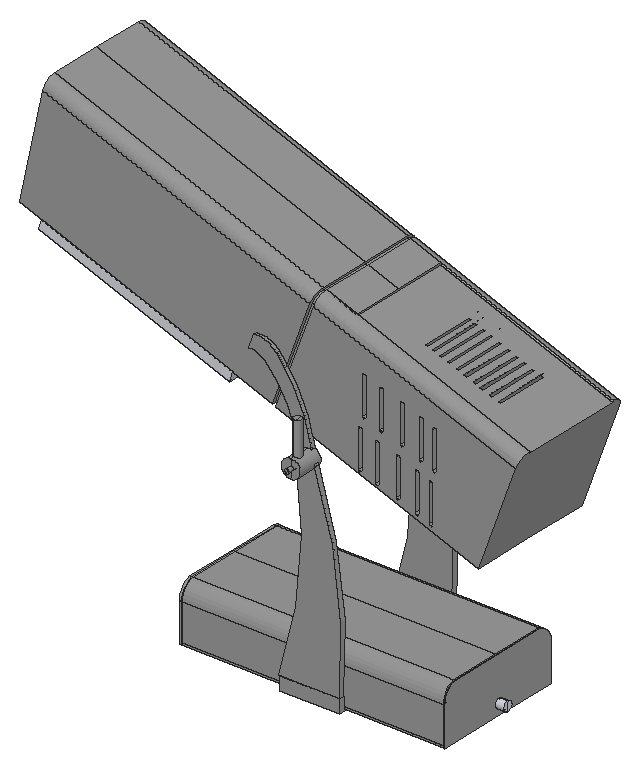
Revit family "PROJECTOR_LED_SPOT_LIGHT", category Lighting Fixtures, host Face, Revit 2018 (continued)
Forms (mm)
  Extrusion 76, solid, not visible
    sketch origin (0, 0, 0) x (1, 0, 0) y (0, 0, 1)
      loop
        line (-180.881, 129.997) -> (-180.881, 124.357) -> (-70, 124.357) -> (-70, 129.997) -> (-180.881, 129.997)
    from -36 to 35
  Extrusion 77, void, not visible
    sketch origin (0, 0, 0) x (0, 1, 0) y (0, 0, 1)
      loop
        line (28.624, 196) -> (0, 196) -> (-28.624, 196)
        arc (-28.624, 196) -> (-33.133, 194.133) -> (-35, 189.624) r 6.376
        line (-35, 189.624) -> (-35, 129.997) -> (0, 129.997) -> (35, 129.997) -> (35, 189.624)
        arc (35, 189.624) -> (33.133, 194.133) -> (28.624, 196) r 6.376
      loop
        line (28.624, 195) -> (0, 195) -> (-28.624, 195)
        arc (-28.624, 195) -> (-32.426, 193.426) -> (-34, 189.624) r 5.376
        line (-34, 189.624) -> (-34, 130.997) -> (0, 130.997) -> (34, 130.997) -> (34, 189.624)
        arc (34, 189.624) -> (32.426, 193.426) -> (28.624, 195) r 5.376
    from -46.727 to -44.924
  Extrusion 78, void, not visible
    sketch origin (0, 0, 0) x (0, 1, 0) y (0, 0, 1)
      loop
        line (28.624, 196) -> (0, 196) -> (-28.624, 196) -> (-28.624, 195)
        arc (-28.624, 195) -> (0, 193.875) -> (28.624, 195) r 364.596
        line (28.624, 195) -> (28.624, 196)
    from -27.257 to 73
  Extrusion 79, void, not visible
    sketch origin (0, 0, 0) x (0, 1, 0) y (0, 0, 1)
      loop
        circle (0, 165.227) r 15
    from -257.572 to -192.846
  Extrusion 80, void, not visible
    sketch origin (0, 0, 0) x (1, 0, 0) y (0, 1, 0)
      loop
        line (64.044, 21.332) -> (64.044, -18.668) -> (65.755, -18.668) -> (65.755, 21.332) -> (64.044, 21.332)
      loop
        line (59.044, 21.332) -> (59.044, -18.668) -> (60.755, -18.668) -> (60.755, 21.332) -> (59.044, 21.332)
      loop
        line (54.044, 21.332) -> (54.044, -18.668) -> (55.755, -18.668) -> (55.755, 21.332) -> (54.044, 21.332)
      loop
        line (49.644, 21.332) -> (49.644, -18.668) -> (51.355, -18.668) -> (51.355, 21.332) -> (49.644, 21.332)
      loop
        line (44.644, 21.332) -> (44.644, -18.668) -> (46.355, -18.668) -> (46.355, 21.332) -> (44.644, 21.332)
      loop
        line (39.644, 21.332) -> (39.644, -18.668) -> (41.355, -18.668) -> (41.355, 21.332) -> (39.644, 21.332)
      loop
        line (34.644, 21.332) -> (34.644, -18.668) -> (36.355, -18.668) -> (36.355, 21.332) -> (34.644, 21.332)
      loop
        line (30.149, 21.332) -> (30.149, -18.668) -> (31.86, -18.668) -> (31.86, 21.332) -> (30.149, 21.332)
      loop
        line (25.858, 21.332) -> (25.858, -18.668) -> (27.569, -18.668) -> (27.569, 21.332) -> (25.858, 21.332)
      loop
        line (22.118, 21.332) -> (22.118, -18.668) -> (23.829, -18.668) -> (23.829, 21.332) -> (22.118, 21.332)
    from 175.231 to 250
  Extrusion 81, solid
    sketch origin (23, 35, 122.267) x (0, -1, 0) y (-0.939693, 0, 0.34202)
      loop
        line (-1, 70) -> (70, 70) -> (70, 180.881) -> (-1, 180.881) -> (-1, 70)
    from 0 to 5.64
  Extrusion 82, solid, not visible
    sketch origin (20.838, 0, 3.75) x (0, 1, 0) y (0, 0, 1)
      loop
        line (35, 126.247) -> (35, 185.874)
        arc (35, 185.874) -> (33.133, 190.383) -> (28.624, 192.25) r 6.376
        line (28.624, 192.25) -> (0, 192.25) -> (-28.624, 192.25)
        arc (-28.624, 192.25) -> (-33.133, 190.383) -> (-35, 185.874) r 6.376
        line (-35, 185.874) -> (-35, 126.247) -> (0, 126.247) -> (35, 126.247)
    from -203 to 73
  Extrusion 83, void, not visible
    sketch origin (20.838, -35, 123.75) x (0, 0, -1) y (-1, 0, 0)
      loop
        line (-72.25, 203) -> (0, 192.846) -> (0, 203) -> (-72.25, 203)
    from -161.015 to 250
  Extrusion 84, void, not visible
    sketch origin (0, 0, 0) x (1, 0, 0) y (0, 0, 1)
      loop
        arc (52.083, 178.118) -> (50.703, 178.762) -> (50.06, 177.382) r 1.077
        line (50.06, 177.382) -> (56.9, 158.588)
        arc (56.9, 158.588) -> (58.28, 157.945) -> (58.924, 159.325) r 1.077
        line (58.924, 159.325) -> (52.083, 178.118)
      loop
        arc (44.12, 178.118) -> (42.74, 178.762) -> (42.097, 177.382) r 1.077
        line (42.097, 177.382) -> (48.937, 158.588)
        arc (48.937, 158.588) -> (50.317, 157.945) -> (50.96, 159.325) r 1.077
        line (50.96, 159.325) -> (44.12, 178.118)
      loop
        arc (33.127, 178.118) -> (31.747, 178.762) -> (31.104, 177.382) r 1.077
        line (31.104, 177.382) -> (37.944, 158.588)
        arc (37.944, 158.588) -> (39.324, 157.945) -> (39.967, 159.325) r 1.077
        line (39.967, 159.325) -> (33.127, 178.118)
      loop
        arc (21.516, 177.103) -> (20.136, 177.746) -> (19.492, 176.366) r 1.077
        line (19.492, 176.366) -> (26.333, 157.572)
        arc (26.333, 157.572) -> (27.713, 156.929) -> (28.356, 158.309) r 1.077
        line (28.356, 158.309) -> (21.516, 177.103)
      loop
        arc (11.516, 177.103) -> (10.136, 177.746) -> (9.492, 176.366) r 1.077
        line (9.492, 176.366) -> (16.333, 157.572)
        arc (16.333, 157.572) -> (17.713, 156.929) -> (18.356, 158.309) r 1.077
        line (18.356, 158.309) -> (11.516, 177.103)
      loop
        arc (59.254, 152.122) -> (57.874, 152.765) -> (57.231, 151.385) r 1.077
        line (57.231, 151.385) -> (64.071, 132.591)
        arc (64.071, 132.591) -> (65.451, 131.948) -> (66.094, 133.328) r 1.077
        line (66.094, 133.328) -> (59.254, 152.122)
      loop
        arc (51.291, 152.122) -> (49.911, 152.765) -> (49.267, 151.385) r 1.077
        line (49.267, 151.385) -> (56.108, 132.591)
        arc (56.108, 132.591) -> (57.488, 131.948) -> (58.131, 133.328) r 1.077
        line (58.131, 133.328) -> (51.291, 152.122)
      loop
        arc (40.298, 152.122) -> (38.918, 152.765) -> (38.274, 151.385) r 1.077
        line (38.274, 151.385) -> (45.115, 132.591)
        arc (45.115, 132.591) -> (46.495, 131.948) -> (47.138, 133.328) r 1.077
        line (47.138, 133.328) -> (40.298, 152.122)
      loop
        arc (28.686, 151.106) -> (27.307, 151.749) -> (26.663, 150.369) r 1.077
        line (26.663, 150.369) -> (33.503, 131.576)
        arc (33.503, 131.576) -> (34.883, 130.932) -> (35.527, 132.312) r 1.077
        line (35.527, 132.312) -> (28.686, 151.106)
      loop
        arc (18.686, 151.106) -> (17.307, 151.749) -> (16.663, 150.369) r 1.077
        line (16.663, 150.369) -> (23.503, 131.576)
        arc (23.503, 131.576) -> (24.883, 130.932) -> (25.527, 132.312) r 1.077
        line (25.527, 132.312) -> (18.686, 151.106)
    from 31.343 to 39.362
  Extrusion 85, void, not visible
    sketch origin (0, 0, 0) x (1, 0, 0) y (0, 0, -1)
      loop
        line (52.083, -178.118) -> (58.924, -159.325)
        arc (58.924, -159.325) -> (58.28, -157.945) -> (56.9, -158.588) r 1.077
        line (56.9, -158.588) -> (50.06, -177.382)
        arc (50.06, -177.382) -> (50.703, -178.762) -> (52.083, -178.118) r 1.077
      loop
        line (44.12, -178.118) -> (50.96, -159.325)
        arc (50.96, -159.325) -> (50.317, -157.945) -> (48.937, -158.588) r 1.077
        line (48.937, -158.588) -> (42.097, -177.382)
        arc (42.097, -177.382) -> (42.74, -178.762) -> (44.12, -178.118) r 1.077
      loop
        line (33.127, -178.118) -> (39.967, -159.325)
        arc (39.967, -159.325) -> (39.324, -157.945) -> (37.944, -158.588) r 1.077
        line (37.944, -158.588) -> (31.104, -177.382)
        arc (31.104, -177.382) -> (31.747, -178.762) -> (33.127, -178.118) r 1.077
      loop
        line (21.516, -177.103) -> (28.356, -158.309)
        arc (28.356, -158.309) -> (27.713, -156.929) -> (26.333, -157.572) r 1.077
        line (26.333, -157.572) -> (19.492, -176.366)
        arc (19.492, -176.366) -> (20.136, -177.746) -> (21.516, -177.103) r 1.077
      loop
        line (11.516, -177.103) -> (18.356, -158.309)
        arc (18.356, -158.309) -> (17.713, -156.929) -> (16.333, -157.572) r 1.077
        line (16.333, -157.572) -> (9.492, -176.366)
        arc (9.492, -176.366) -> (10.136, -177.746) -> (11.516, -177.103) r 1.077
      loop
        line (59.254, -152.122) -> (66.094, -133.328)
        arc (66.094, -133.328) -> (65.451, -131.948) -> (64.071, -132.591) r 1.077
        line (64.071, -132.591) -> (57.231, -151.385)
        arc (57.231, -151.385) -> (57.874, -152.765) -> (59.254, -152.122) r 1.077
      loop
        line (51.291, -152.122) -> (58.131, -133.328)
        arc (58.131, -133.328) -> (57.488, -131.948) -> (56.108, -132.591) r 1.077
        line (56.108, -132.591) -> (49.267, -151.385)
        arc (49.267, -151.385) -> (49.911, -152.765) -> (51.291, -152.122) r 1.077
      loop
        line (40.298, -152.122) -> (47.138, -133.328)
        arc (47.138, -133.328) -> (46.495, -131.948) -> (45.115, -132.591) r 1.077
        line (45.115, -132.591) -> (38.274, -151.385)
        arc (38.274, -151.385) -> (38.918, -152.765) -> (40.298, -152.122) r 1.077
      loop
        line (28.686, -151.106) -> (35.527, -132.312)
        arc (35.527, -132.312) -> (34.883, -130.932) -> (33.503, -131.576) r 1.077
        line (33.503, -131.576) -> (26.663, -150.369)
        arc (26.663, -150.369) -> (27.307, -151.749) -> (28.686, -151.106) r 1.077
      loop
        line (18.686, -151.106) -> (25.527, -132.312)
        arc (25.527, -132.312) -> (24.883, -130.932) -> (23.503, -131.576) r 1.077
        line (23.503, -131.576) -> (16.663, -150.369)
        arc (16.663, -150.369) -> (17.307, -151.749) -> (18.686, -151.106) r 1.077
    from 31.343 to 39.362
  Extrusion 86, solid, not visible
    sketch origin (0, 0, 0) x (1, 0, 0) y (0, 0, 1)
      loop
        arc (0, 125) -> (-13.572, 143.248) -> (-31.82, 156.82) r 78.219
        arc (-31.82, 156.82) -> (-38.343, 158.526) -> (-44.924, 157.057) r 14.314
        line (-44.924, 157.057) -> (-44.924, 148.956)
        arc (-44.924, 148.956) -> (-40.488, 149.928) -> (-36.051, 148.956) r 10.605
        arc (-36.051, 148.956) -> (-18.197, 136.975) -> (-5, 120) r 67.71
        arc (-5, 120) -> (-3.536, 123.536) -> (0, 125) r 5
    from 35 to 36.953
  Extrusion 87, solid, not visible
    sketch origin (0, 0, 0) x (1, 0, 0) y (0, 0, -1)
      loop
        arc (0, -125) -> (-3.536, -123.536) -> (-5, -120) r 5
        arc (-5, -120) -> (-18.197, -136.975) -> (-36.051, -148.956) r 67.71
        arc (-36.051, -148.956) -> (-40.488, -149.928) -> (-44.924, -148.956) r 10.605
        line (-44.924, -148.956) -> (-44.924, -157.057)
        arc (-44.924, -157.057) -> (-38.343, -158.526) -> (-31.82, -156.82) r 14.314
        arc (-31.82, -156.82) -> (-13.572, -143.248) -> (0, -125) r 78.219
    from 35 to 36.953
  Extrusion 88, void, not visible
    sketch origin (20.838, 0, 0) x (0, 1, 0) y (0, 0, 1)
      loop
        line (28.624, 196) -> (0, 196) -> (-28.624, 196)
        arc (-28.624, 196) -> (-33.133, 194.133) -> (-35, 189.624) r 6.376
        line (-35, 189.624) -> (-35, 129.997) -> (0, 129.997) -> (35, 129.997) -> (35, 189.624)
        arc (35, 189.624) -> (33.133, 194.133) -> (28.624, 196) r 6.376
      loop
        line (28.624, 195) -> (0, 195) -> (-28.624, 195)
        arc (-28.624, 195) -> (-32.426, 193.426) -> (-34, 189.624) r 5.376
        line (-34, 189.624) -> (-34, 130.997) -> (0, 130.997) -> (34, 130.997) -> (34, 189.624)
        arc (34, 189.624) -> (32.426, 193.426) -> (28.624, 195) r 5.376
    from -46.727 to -44.924
  Extrusion 89, void, not visible
    sketch origin (20.838, 0, 0) x (0, 1, 0) y (0, 0, 1)
      loop
        line (28.624, 196) -> (0, 196) -> (-28.624, 196) -> (-28.624, 195)
        arc (-28.624, 195) -> (0, 193.875) -> (28.624, 195) r 364.596
        line (28.624, 195) -> (28.624, 196)
    from -27.257 to 73
  Extrusion 90, void, not visible
    sketch origin (20.838, 0, 0) x (0, 1, 0) y (0, 0, 1)
      loop
        circle (0, 165.227) r 15
    from -257.572 to -192.846
  Extrusion 91, void, not visible
    sketch origin (0, 0, -1.823) x (1, 0, 0) y (0, 1, 0)
      loop
        line (64.044, 21.332) -> (64.044, -18.668) -> (65.755, -18.668) -> (65.755, 21.332) -> (64.044, 21.332)
      loop
        line (59.044, 21.332) -> (59.044, -18.668) -> (60.755, -18.668) -> (60.755, 21.332) -> (59.044, 21.332)
      loop
        line (54.044, 21.332) -> (54.044, -18.668) -> (55.755, -18.668) -> (55.755, 21.332) -> (54.044, 21.332)
      loop
        line (49.644, 21.332) -> (49.644, -18.668) -> (51.355, -18.668) -> (51.355, 21.332) -> (49.644, 21.332)
      loop
        line (44.644, 21.332) -> (44.644, -18.668) -> (46.355, -18.668) -> (46.355, 21.332) -> (44.644, 21.332)
      loop
        line (39.644, 21.332) -> (39.644, -18.668) -> (41.355, -18.668) -> (41.355, 21.332) -> (39.644, 21.332)
      loop
        line (34.644, 21.332) -> (34.644, -18.668) -> (36.355, -18.668) -> (36.355, 21.332) -> (34.644, 21.332)
      loop
        line (30.149, 21.332) -> (30.149, -18.668) -> (31.86, -18.668) -> (31.86, 21.332) -> (30.149, 21.332)
      loop
        line (25.858, 21.332) -> (25.858, -18.668) -> (27.569, -18.668) -> (27.569, 21.332) -> (25.858, 21.332)
      loop
        line (22.118, 21.332) -> (22.118, -18.668) -> (23.829, -18.668) -> (23.829, 21.332) -> (22.118, 21.332)
    from 175.231 to 196
  Extrusion 92, solid, not visible
    sketch origin (20.838, 35, 129.997) x (-1, 0, 0) y (0, 1, 0)
      loop
        line (-1, -70) -> (-1, -180.881) -> (70, -180.881) -> (70, -70) -> (-1, -70)
    from 0 to 5.64
Cuts and joins
  Extrusion 13, Extrusion 14, Extrusion 15, Extrusion 22, Extrusion 23, Extrusion 26, Extrusion 27 cuts Extrusion 4
  Extrusion 27 cuts Extrusion 2
  Extrusion 27 cuts Extrusion 3
Dimensions and locks
  "Rotation": angle plane 3 "Center (Left/Right)" to plane 11
  aligned and locked: plane 2 to host face
  aligned and locked: level to host face
Automatic sketch dimensions
  host sketch curve to host sketch curve = 2438.4 mm  (x2)
  Extrusion 2 sketch curve to plane 7 = 0 mm
  Extrusion 2 sketch curve to plane 6 = 0 mm
  level to Extrusion 2 sketch curve = 3.562 mm
  Extrusion 2 sketch curve to Extrusion 2 sketch curve = 1.058 mm
  Extrusion 3 sketch curve to plane 7 = 0 mm
  Extrusion 3 sketch curve to plane 1 "Center (Front/Back)" = 0 mm  (x2)
  Extrusion 3 sketch curve to plane 6 = 0 mm
  Extrusion 3 sketch curve to plane 7 = 7.206 mm
  Extrusion 3 sketch curve to Extrusion 3 sketch curve = 9.217 mm  (x2)
  Extrusion 3 sketch curve to plane 6 = 7.206 mm
  level to Extrusion 3 sketch curve = 4.621 mm
  Extrusion 3 sketch curve to Extrusion 3 sketch curve = 20 mm
  plane 11 to Extrusion 4 sketch curve = 69.624 mm
  Extrusion 4 sketch curve to Extrusion 4 sketch curve = 6.376 mm
  Extrusion 4 sketch curve to Extrusion 4 sketch curve = 28.624 mm  (x2)
  plane 11 to Extrusion 4 sketch curve = 9.997 mm
  Extrusion 4 sketch curve to Extrusion 4 sketch curve = 35 mm  (x2)
  plane 11 to Extrusion 8 sketch curve = 0.982 mm
  Extrusion 8 sketch curve to plane 3 "Center (Left/Right)" = 3.664 mm
  Extrusion 8 sketch curve to plane 3 "Center (Left/Right)" = 2.682 mm
  Extrusion 8 sketch curve to plane 3 "Center (Left/Right)" = 0.982 mm
  plane 3 "Center (Left/Right)" to Extrusion 8 sketch curve = 0.982 mm
  plane 3 "Center (Left/Right)" to Extrusion 8 sketch curve = 2.682 mm
  Extrusion 8 sketch curve to plane 11 = 0.982 mm
  plane 3 "Center (Left/Right)" to Extrusion 8 sketch curve = 3.664 mm
  Extrusion 8 sketch curve to plane 11 = 2.682 mm
  Extrusion 8 sketch curve to plane 11 = 3.664 mm
  plane 11 to Extrusion 8 sketch curve = 2.682 mm
  plane 11 to Extrusion 8 sketch curve = 3.664 mm
  plane 11 to Extrusion 12 sketch curve = 0.982 mm
  Extrusion 12 sketch curve to plane 3 "Center (Left/Right)" = 3.664 mm
  Extrusion 12 sketch curve to plane 3 "Center (Left/Right)" = 2.682 mm
  Extrusion 12 sketch curve to plane 3 "Center (Left/Right)" = 0.982 mm
  plane 3 "Center (Left/Right)" to Extrusion 12 sketch curve = 0.982 mm
  plane 3 "Center (Left/Right)" to Extrusion 12 sketch curve = 2.682 mm
  Extrusion 12 sketch curve to plane 11 = 0.982 mm
  plane 3 "Center (Left/Right)" to Extrusion 12 sketch curve = 3.664 mm
  plane 11 to Extrusion 12 sketch curve = 2.682 mm
  plane 11 to Extrusion 12 sketch curve = 3.664 mm
  Extrusion 12 sketch curve to plane 11 = 2.682 mm
  Extrusion 12 sketch curve to plane 11 = 3.664 mm
  Extrusion 4 to Extrusion 13 sketch curve = 0 mm
  Extrusion 4 to Extrusion 13 sketch curve = 6.376 mm
  Extrusion 13 sketch curve to Extrusion 4 = 6.247 mm
  Extrusion 13 sketch curve to Extrusion 13 sketch curve = 10.154 mm
  plane 11 to Extrusion 14 sketch curve = 56.366 mm  (x2)
  Extrusion 14 sketch curve to Extrusion 14 sketch curve = 1.012 mm  (x40)
  plane 11 to Extrusion 14 sketch curve = 57.103 mm  (x2)
  plane 11 to Extrusion 14 sketch curve = 37.572 mm  (x2)
  Extrusion 14 sketch curve to Extrusion 14 sketch curve = 6.84 mm  (x2)
  plane 11 to Extrusion 14 sketch curve = 30.369 mm  (x2)
  Extrusion 14 sketch curve to Extrusion 14 sketch curve = 0.33 mm  (x4)
  plane 11 to Extrusion 14 sketch curve = 38.309 mm  (x2)
  plane 11 to Extrusion 14 sketch curve = 31.106 mm  (x2)
  Extrusion 14 sketch curve to Extrusion 14 sketch curve = 7.977 mm  (x3)
  plane 11 to Extrusion 14 sketch curve = 11.576 mm  (x2)
  plane 11 to Extrusion 14 sketch curve = 12.312 mm  (x2)
  plane 11 to Extrusion 14 sketch curve = 57.382 mm  (x3)
  Extrusion 14 sketch curve to Extrusion 14 sketch curve = 9.588 mm  (x3)
  plane 11 to Extrusion 14 sketch curve = 58.118 mm  (x3)
  plane 11 to Extrusion 14 sketch curve = 38.588 mm  (x3)
  plane 11 to Extrusion 14 sketch curve = 31.385 mm  (x3)
  plane 11 to Extrusion 14 sketch curve = 39.325 mm  (x3)
  plane 11 to Extrusion 14 sketch curve = 32.122 mm  (x3)
  Extrusion 14 sketch curve to Extrusion 14 sketch curve = 8.97 mm  (x3)
  plane 11 to Extrusion 14 sketch curve = 12.591 mm  (x3)
  plane 11 to Extrusion 14 sketch curve = 13.328 mm  (x3)
  Extrusion 14 sketch curve to Extrusion 14 sketch curve = 5.94 mm  (x4)
  plane 11 to Extrusion 15 sketch curve = 56.366 mm  (x2)
  Extrusion 15 sketch curve to Extrusion 15 sketch curve = 1.012 mm  (x40)
  plane 11 to Extrusion 15 sketch curve = 57.103 mm  (x2)
  plane 11 to Extrusion 15 sketch curve = 37.572 mm  (x2)
  Extrusion 15 sketch curve to Extrusion 15 sketch curve = 6.84 mm  (x2)
  plane 11 to Extrusion 15 sketch curve = 30.369 mm  (x2)
  Extrusion 15 sketch curve to Extrusion 15 sketch curve = 0.33 mm  (x4)
  plane 11 to Extrusion 15 sketch curve = 38.309 mm  (x2)
  plane 11 to Extrusion 15 sketch curve = 31.106 mm  (x2)
  Extrusion 15 sketch curve to Extrusion 15 sketch curve = 7.977 mm  (x3)
  plane 11 to Extrusion 15 sketch curve = 11.576 mm  (x2)
  plane 11 to Extrusion 15 sketch curve = 12.312 mm  (x2)
  plane 11 to Extrusion 15 sketch curve = 57.382 mm  (x3)
  Extrusion 15 sketch curve to Extrusion 15 sketch curve = 9.588 mm  (x3)
  plane 11 to Extrusion 15 sketch curve = 58.118 mm  (x3)
  plane 11 to Extrusion 15 sketch curve = 38.588 mm  (x3)
  plane 11 to Extrusion 15 sketch curve = 31.385 mm  (x3)
  plane 11 to Extrusion 15 sketch curve = 39.325 mm  (x3)
  plane 11 to Extrusion 15 sketch curve = 32.122 mm  (x3)
  Extrusion 15 sketch curve to Extrusion 15 sketch curve = 8.97 mm  (x3)
  plane 11 to Extrusion 15 sketch curve = 12.591 mm  (x3)
  plane 11 to Extrusion 15 sketch curve = 13.328 mm  (x3)
  Extrusion 15 sketch curve to Extrusion 15 sketch curve = 5.94 mm  (x4)
  level to Revolve 18 sketch curve = 12.2 mm
  plane 3 "Center (Left/Right)" to Revolve 18 sketch curve = 73 mm
  Revolve 18 sketch curve to Revolve 18 sketch curve = 2.147 mm
  Revolve 18 sketch curve to Revolve 18 sketch curve = 1.953 mm
  Revolve 18 sketch curve to Revolve 18 sketch curve = 0.171 mm
  level to Revolve 18 sketch curve = 10.247 mm
  Revolve 18 sketch curve to Revolve 18 sketch curve = 28.023 mm
  level to Revolve 19 sketch curve = 10.205 mm
  plane 3 "Center (Left/Right)" to Revolve 19 sketch curve = 66.031 mm
  Revolve 19 sketch curve to Revolve 19 sketch curve = 8.753 mm
  Revolve 19 sketch curve to Revolve 19 sketch curve = 0.364 mm
  Revolve 19 sketch curve to Revolve 19 sketch curve = 4.545 mm
  Revolve 19 sketch curve to Revolve 19 sketch curve = 0.042 mm
  Revolve 19 sketch curve to Revolve 19 sketch curve = 2.147 mm
  Revolve 19 sketch curve to Revolve 19 sketch curve = 2.257 mm
  Revolve 19 sketch curve to Revolve 19 sketch curve = 0 mm
  Extrusion 20 sketch curve to plane 11 = 0 mm
  Extrusion 20 sketch curve to plane 11 = 32.062 mm
  Extrusion 20 sketch curve to Extrusion 20 sketch curve = 4.506 mm
  Extrusion 20 sketch curve to Extrusion 20 sketch curve = 19.451 mm
  Extrusion 20 sketch curve to Extrusion 20 sketch curve = 4.436 mm
  Extrusion 20 sketch curve to Extrusion 20 sketch curve = 1.885 mm
  Extrusion 20 sketch curve to Extrusion 20 sketch curve = 40.488 mm
  Extrusion 20 sketch curve to Extrusion 20 sketch curve = 0.483 mm
  plane 11 to Extrusion 20 sketch curve = 19.323 mm
  Extrusion 20 sketch curve to Extrusion 20 sketch curve = 4.892 mm
  Extrusion 20 sketch curve to Extrusion 20 sketch curve = 4.741 mm
  Extrusion 20 sketch curve to Extrusion 20 sketch curve = 8.101 mm
  Extrusion 20 sketch curve to Extrusion 20 sketch curve = 0 mm
  Extrusion 21 sketch curve to plane 11 = 0 mm
  Extrusion 21 sketch curve to plane 11 = 32.062 mm
  Extrusion 21 sketch curve to Extrusion 21 sketch curve = 4.506 mm
  Extrusion 21 sketch curve to Extrusion 21 sketch curve = 19.451 mm
  Extrusion 21 sketch curve to Extrusion 21 sketch curve = 4.436 mm
  Extrusion 21 sketch curve to Extrusion 21 sketch curve = 1.885 mm
  Extrusion 21 sketch curve to Extrusion 21 sketch curve = 40.488 mm
  plane 11 to Extrusion 21 sketch curve = 19.323 mm
  Extrusion 21 sketch curve to Extrusion 21 sketch curve = 4.892 mm
  Extrusion 21 sketch curve to Extrusion 21 sketch curve = 4.741 mm
  Extrusion 21 sketch curve to Extrusion 21 sketch curve = 8.101 mm
  Extrusion 21 sketch curve to Extrusion 21 sketch curve = 0.483 mm
  Extrusion 21 sketch curve to Extrusion 21 sketch curve = 0 mm
  Extrusion 22 sketch curve to Extrusion 22 sketch curve = 0 mm  (x6)
  plane 11 to Extrusion 22 sketch curve = 69.624 mm
  Extrusion 22 sketch curve to Extrusion 22 sketch curve = 1 mm
  Extrusion 22 sketch curve to Extrusion 22 sketch curve = 5.376 mm
  plane 11 to Extrusion 22 sketch curve = 9.997 mm
  Extrusion 22 sketch curve to Extrusion 22 sketch curve = 34 mm  (x2)
  Extrusion 22 sketch curve to Extrusion 22 sketch curve = 28.624 mm  (x2)
  plane 11 to Extrusion 22 sketch curve = 10.997 mm
  plane 11 to Extrusion 23 sketch curve = 76 mm
  Extrusion 23 sketch curve to Extrusion 23 sketch curve = 28.624 mm  (x3)
  Extrusion 23 sketch curve to Extrusion 23 sketch curve = 1 mm
  Extrusion 23 sketch curve to Extrusion 23 sketch curve = 362.47 mm
  plane 11 to Extrusion 26 sketch curve = 45.227 mm
  Extrusion 27 sketch curve to Extrusion 27 sketch curve = 1.711 mm  (x10)
  Extrusion 27 sketch curve to Extrusion 27 sketch curve = 2.029 mm
  Extrusion 27 sketch curve to Extrusion 27 sketch curve = 2.58 mm
  Extrusion 27 sketch curve to Extrusion 27 sketch curve = 2.783 mm
  Extrusion 27 sketch curve to Extrusion 27 sketch curve = 3.289 mm  (x5)
  Extrusion 27 sketch curve to Extrusion 27 sketch curve = 2.689 mm
  Extrusion 27 sketch curve to Extrusion 27 sketch curve = 0 mm  (x18)
  Extrusion 27 sketch curve to Extrusion 27 sketch curve = 40 mm
  Extrusion 4 to Extrusion 81 sketch curve = 35 mm
  Extrusion 81 sketch curve to Extrusion 4 = 133 mm
  Extrusion 81 sketch curve to Extrusion 4 = 1 mm
  Extrusion 81 sketch curve to Extrusion 4 = 22.119 mm
  plane 12 to Extrusion 82 sketch curve = 69.624 mm
  Extrusion 82 sketch curve to Extrusion 82 sketch curve = 6.376 mm
  Extrusion 82 sketch curve to Extrusion 82 sketch curve = 28.624 mm  (x2)
  plane 12 to Extrusion 82 sketch curve = 9.997 mm
  Extrusion 82 sketch curve to Extrusion 82 sketch curve = 35 mm  (x2)
  Extrusion 82 to Extrusion 83 sketch curve = 0 mm
  Extrusion 82 to Extrusion 83 sketch curve = 6.376 mm
  Extrusion 83 sketch curve to Extrusion 82 = 6.247 mm
  Extrusion 83 sketch curve to Extrusion 83 sketch curve = 10.154 mm
  plane 12 to Extrusion 84 sketch curve = 56.366 mm  (x2)
  Extrusion 84 sketch curve to Extrusion 84 sketch curve = 1.012 mm  (x40)
  plane 12 to Extrusion 84 sketch curve = 57.103 mm  (x2)
  plane 12 to Extrusion 84 sketch curve = 37.572 mm  (x2)
  Extrusion 84 sketch curve to Extrusion 84 sketch curve = 6.84 mm  (x2)
  plane 12 to Extrusion 84 sketch curve = 30.369 mm  (x2)
  Extrusion 84 sketch curve to Extrusion 84 sketch curve = 0.33 mm  (x4)
  plane 12 to Extrusion 84 sketch curve = 38.309 mm  (x2)
  plane 12 to Extrusion 84 sketch curve = 31.106 mm  (x2)
  Extrusion 84 sketch curve to Extrusion 84 sketch curve = 7.977 mm  (x3)
  plane 12 to Extrusion 84 sketch curve = 11.576 mm  (x2)
  plane 12 to Extrusion 84 sketch curve = 12.312 mm  (x2)
  plane 12 to Extrusion 84 sketch curve = 57.382 mm  (x3)
  Extrusion 84 sketch curve to Extrusion 84 sketch curve = 9.588 mm  (x3)
  plane 12 to Extrusion 84 sketch curve = 58.118 mm  (x3)
  plane 12 to Extrusion 84 sketch curve = 38.588 mm  (x3)
  plane 12 to Extrusion 84 sketch curve = 31.385 mm  (x3)
  plane 12 to Extrusion 84 sketch curve = 39.325 mm  (x3)
  plane 12 to Extrusion 84 sketch curve = 32.122 mm  (x3)
  Extrusion 84 sketch curve to Extrusion 84 sketch curve = 8.97 mm  (x3)
  plane 12 to Extrusion 84 sketch curve = 12.591 mm  (x3)
  plane 12 to Extrusion 84 sketch curve = 13.328 mm  (x3)
  Extrusion 84 sketch curve to Extrusion 84 sketch curve = 5.94 mm  (x4)
  plane 12 to Extrusion 85 sketch curve = 56.366 mm  (x2)
  Extrusion 85 sketch curve to Extrusion 85 sketch curve = 1.012 mm  (x40)
  plane 12 to Extrusion 85 sketch curve = 57.103 mm  (x2)
  plane 12 to Extrusion 85 sketch curve = 37.572 mm  (x2)
  Extrusion 85 sketch curve to Extrusion 85 sketch curve = 6.84 mm  (x2)
  plane 12 to Extrusion 85 sketch curve = 30.369 mm  (x2)
  Extrusion 85 sketch curve to Extrusion 85 sketch curve = 0.33 mm  (x4)
  plane 12 to Extrusion 85 sketch curve = 38.309 mm  (x2)
  plane 12 to Extrusion 85 sketch curve = 31.106 mm  (x2)
  Extrusion 85 sketch curve to Extrusion 85 sketch curve = 7.977 mm  (x3)
  plane 12 to Extrusion 85 sketch curve = 11.576 mm  (x2)
  plane 12 to Extrusion 85 sketch curve = 12.312 mm  (x2)
  plane 12 to Extrusion 85 sketch curve = 57.382 mm  (x3)
  Extrusion 85 sketch curve to Extrusion 85 sketch curve = 9.588 mm  (x3)
  plane 12 to Extrusion 85 sketch curve = 58.118 mm  (x3)
  plane 12 to Extrusion 85 sketch curve = 38.588 mm  (x3)
  plane 12 to Extrusion 85 sketch curve = 31.385 mm  (x3)
  plane 12 to Extrusion 85 sketch curve = 39.325 mm  (x3)
  plane 12 to Extrusion 85 sketch curve = 32.122 mm  (x3)
  Extrusion 85 sketch curve to Extrusion 85 sketch curve = 8.97 mm  (x3)
  plane 12 to Extrusion 85 sketch curve = 12.591 mm  (x3)
  plane 12 to Extrusion 85 sketch curve = 13.328 mm  (x3)
  Extrusion 85 sketch curve to Extrusion 85 sketch curve = 5.94 mm  (x4)
  Extrusion 86 sketch curve to plane 12 = 0 mm
  Extrusion 86 sketch curve to plane 12 = 32.062 mm
  Extrusion 86 sketch curve to Extrusion 86 sketch curve = 4.506 mm
  Extrusion 86 sketch curve to Extrusion 86 sketch curve = 19.451 mm
  Extrusion 86 sketch curve to Extrusion 86 sketch curve = 4.436 mm
  Extrusion 86 sketch curve to Extrusion 86 sketch curve = 1.885 mm
  Extrusion 86 sketch curve to Extrusion 86 sketch curve = 40.488 mm
  Extrusion 86 sketch curve to Extrusion 86 sketch curve = 0.483 mm
  plane 12 to Extrusion 86 sketch curve = 19.323 mm
  Extrusion 86 sketch curve to Extrusion 86 sketch curve = 4.892 mm
  Extrusion 86 sketch curve to Extrusion 86 sketch curve = 4.741 mm
  Extrusion 86 sketch curve to Extrusion 86 sketch curve = 8.101 mm
  Extrusion 86 sketch curve to Extrusion 86 sketch curve = 0 mm
  Extrusion 87 sketch curve to plane 12 = 0 mm
  Extrusion 87 sketch curve to plane 12 = 32.062 mm
  Extrusion 87 sketch curve to Extrusion 87 sketch curve = 4.506 mm
  Extrusion 87 sketch curve to Extrusion 87 sketch curve = 19.451 mm
  Extrusion 87 sketch curve to Extrusion 87 sketch curve = 4.436 mm
  Extrusion 87 sketch curve to Extrusion 87 sketch curve = 1.885 mm
  Extrusion 87 sketch curve to Extrusion 87 sketch curve = 40.488 mm
  plane 12 to Extrusion 87 sketch curve = 19.323 mm
  Extrusion 87 sketch curve to Extrusion 87 sketch curve = 4.892 mm
  Extrusion 87 sketch curve to Extrusion 87 sketch curve = 4.741 mm
  Extrusion 87 sketch curve to Extrusion 87 sketch curve = 8.101 mm
  Extrusion 87 sketch curve to Extrusion 87 sketch curve = 0.483 mm
  Extrusion 87 sketch curve to Extrusion 87 sketch curve = 0 mm
  Extrusion 88 sketch curve to Extrusion 88 sketch curve = 0 mm  (x6)
  plane 12 to Extrusion 88 sketch curve = 69.624 mm
  Extrusion 88 sketch curve to Extrusion 88 sketch curve = 1 mm
  Extrusion 88 sketch curve to Extrusion 88 sketch curve = 5.376 mm
  plane 12 to Extrusion 88 sketch curve = 9.997 mm
  Extrusion 88 sketch curve to Extrusion 88 sketch curve = 34 mm  (x2)
  Extrusion 88 sketch curve to Extrusion 88 sketch curve = 28.624 mm  (x2)
  plane 12 to Extrusion 88 sketch curve = 10.997 mm
  plane 12 to Extrusion 89 sketch curve = 76 mm
  Extrusion 89 sketch curve to Extrusion 89 sketch curve = 28.624 mm  (x3)
  Extrusion 89 sketch curve to Extrusion 89 sketch curve = 1 mm
  Extrusion 89 sketch curve to Extrusion 89 sketch curve = 362.47 mm
  plane 12 to Extrusion 90 sketch curve = 45.227 mm
  Extrusion 91 sketch curve to Extrusion 91 sketch curve = 1.711 mm  (x10)
  Extrusion 91 sketch curve to Extrusion 91 sketch curve = 2.029 mm
  Extrusion 91 sketch curve to Extrusion 91 sketch curve = 2.58 mm
  Extrusion 91 sketch curve to Extrusion 91 sketch curve = 2.783 mm
  Extrusion 91 sketch curve to Extrusion 91 sketch curve = 3.289 mm  (x5)
  Extrusion 91 sketch curve to Extrusion 91 sketch curve = 2.689 mm
  Extrusion 91 sketch curve to Extrusion 91 sketch curve = 0 mm  (x18)
  Extrusion 91 sketch curve to Extrusion 91 sketch curve = 40 mm
  Extrusion 82 to Extrusion 92 sketch curve = 35 mm
  Extrusion 92 sketch curve to Extrusion 82 = 133 mm
  Extrusion 82 to Extrusion 92 sketch curve = 180.881 mm
  Extrusion 92 sketch curve to Extrusion 82 = 204 mm
  Extrusion 1 sketch curve to Extrusion 1 sketch curve = 2.409 mm  (x2)
  Extrusion 1 sketch curve to Extrusion 1 sketch curve = 11.307 mm  (x2)
  Extrusion 1 sketch curve to Extrusion 1 sketch curve = 0.646 mm  (x2)
  Extrusion 1 sketch curve to Extrusion 1 sketch curve = 0.779 mm  (x4)
  Extrusion 1 sketch curve to Extrusion 1 sketch curve = 24.221 mm  (x2)
  Extrusion 1 sketch curve to Extrusion 1 sketch curve = 0 mm
  Extrusion 1 sketch curve to Extrusion 1 sketch curve = 1 mm  (x3)
  Extrusion 1 sketch curve to Extrusion 1 sketch curve = 2.562 mm
  Extrusion 1 sketch curve to Extrusion 1 sketch curve = 1.562 mm
  Extrusion 1 sketch curve to Extrusion 1 sketch curve = 6.465 mm
  Extrusion 1 sketch curve to Extrusion 1 sketch curve = 8.453 mm
  Revolve 5 sketch curve to Revolve 5 sketch curve = 14.009 mm
  Revolve 5 sketch curve to Revolve 5 sketch curve = 5 mm
  Revolve 5 sketch curve to Revolve 5 sketch curve = 9.45 mm
  Revolve 5 sketch curve to Revolve 5 sketch curve = 1.54 mm
  Revolve 5 sketch curve to Revolve 5 sketch curve = 0 mm
  Revolve 6 sketch curve to Revolve 6 sketch curve = 2.162 mm
  Revolve 6 sketch curve to Revolve 6 sketch curve = 18.248 mm
  Revolve 6 sketch curve to Revolve 6 sketch curve = 0 mm
  Revolve 6 sketch curve to Revolve 6 sketch curve = 0.522 mm
  Revolve 6 sketch curve to Revolve 6 sketch curve = 7.726 mm
  Revolve 7 sketch curve to Revolve 7 sketch curve = 17.435 mm
  Revolve 7 sketch curve to Revolve 7 sketch curve = 1.201 mm
  Revolve 7 sketch curve to Revolve 7 sketch curve = 3.229 mm
  Revolve 7 sketch curve to Revolve 7 sketch curve = 4.336 mm
  Revolve 7 sketch curve to Revolve 7 sketch curve = 0 mm
  Revolve 9 sketch curve to Revolve 9 sketch curve = 13.931 mm
  Revolve 9 sketch curve to Revolve 9 sketch curve = 5 mm
  Revolve 9 sketch curve to Revolve 9 sketch curve = 9.45 mm
  Revolve 9 sketch curve to Revolve 9 sketch curve = 1.619 mm
  Revolve 9 sketch curve to Revolve 9 sketch curve = 0 mm
  Revolve 10 sketch curve to Revolve 10 sketch curve = 2.162 mm
  Revolve 10 sketch curve to Revolve 10 sketch curve = 18.248 mm
  Revolve 10 sketch curve to Revolve 10 sketch curve = 0 mm
  Revolve 10 sketch curve to Revolve 10 sketch curve = 0.522 mm
  Revolve 10 sketch curve to Revolve 10 sketch curve = 7.726 mm
  Revolve 11 sketch curve to Revolve 11 sketch curve = 17.435 mm
  Revolve 11 sketch curve to Revolve 11 sketch curve = 1.201 mm
  Revolve 11 sketch curve to Revolve 11 sketch curve = 3.229 mm
  Revolve 11 sketch curve to Revolve 11 sketch curve = 4.336 mm
  Revolve 11 sketch curve to Revolve 11 sketch curve = 0 mm
  Extrusion 16 sketch curve to Extrusion 16 sketch curve = 3.223 mm
  Extrusion 16 sketch curve to Extrusion 16 sketch curve = 214.117 mm
  Extrusion 16 sketch curve to Extrusion 16 sketch curve = 14.132 mm
  Extrusion 16 sketch curve to Extrusion 16 sketch curve = 33.216 mm
  Extrusion 16 sketch curve to Extrusion 16 sketch curve = 24.212 mm
  Extrusion 16 sketch curve to Extrusion 16 sketch curve = 48.666 mm
  Extrusion 17 sketch curve to Extrusion 17 sketch curve = 3.223 mm
  Extrusion 17 sketch curve to Extrusion 17 sketch curve = 214.793 mm
  Extrusion 17 sketch curve to Extrusion 17 sketch curve = 13.455 mm
  Extrusion 17 sketch curve to Extrusion 17 sketch curve = 32.726 mm
  Extrusion 17 sketch curve to Extrusion 17 sketch curve = 37.096 mm
  Extrusion 17 sketch curve to Extrusion 17 sketch curve = 48.666 mm
  Extrusion 24 sketch curve to Extrusion 24 sketch curve = 7.206 mm
  Extrusion 24 sketch curve to Extrusion 24 sketch curve = 9.217 mm  (x2)
  Extrusion 24 sketch curve to Extrusion 24 sketch curve = 26.783 mm  (x2)
  Extrusion 24 sketch curve to Extrusion 24 sketch curve = 0 mm
  Extrusion 24 sketch curve to Extrusion 24 sketch curve = 2.011 mm
  Extrusion 24 sketch curve to Extrusion 24 sketch curve = 21.058 mm
  Extrusion 25 sketch curve to Extrusion 25 sketch curve = 7.206 mm
  Extrusion 25 sketch curve to Extrusion 25 sketch curve = 9.217 mm  (x2)
  Extrusion 25 sketch curve to Extrusion 25 sketch curve = 26.783 mm  (x2)
  Extrusion 25 sketch curve to Extrusion 25 sketch curve = 0 mm
  Extrusion 25 sketch curve to Extrusion 25 sketch curve = 2.011 mm
  Extrusion 25 sketch curve to Extrusion 25 sketch curve = 21.058 mm
  Extrusion 48 sketch curve to Extrusion 48 sketch curve = 2.409 mm  (x2)
  Extrusion 48 sketch curve to Extrusion 48 sketch curve = 11.307 mm  (x2)
  Extrusion 48 sketch curve to Extrusion 48 sketch curve = 0.646 mm  (x2)
  Extrusion 48 sketch curve to Extrusion 48 sketch curve = 0.779 mm  (x4)
  Extrusion 48 sketch curve to Extrusion 48 sketch curve = 24.221 mm  (x2)
  Extrusion 48 sketch curve to Extrusion 48 sketch curve = 0 mm
  Extrusion 48 sketch curve to Extrusion 48 sketch curve = 1 mm  (x3)
  Extrusion 48 sketch curve to Extrusion 48 sketch curve = 2.562 mm
  Extrusion 48 sketch curve to Extrusion 48 sketch curve = 1.562 mm
  Extrusion 48 sketch curve to Extrusion 48 sketch curve = 6.465 mm
  Extrusion 48 sketch curve to Extrusion 48 sketch curve = 8.453 mm
  Revolve 49 sketch curve to Revolve 49 sketch curve = 14.009 mm
  Revolve 49 sketch curve to Revolve 49 sketch curve = 5 mm
  Revolve 49 sketch curve to Revolve 49 sketch curve = 9.45 mm
  Revolve 49 sketch curve to Revolve 49 sketch curve = 1.54 mm
  Revolve 49 sketch curve to Revolve 49 sketch curve = 0 mm
  Revolve 50 sketch curve to Revolve 50 sketch curve = 2.162 mm
  Revolve 50 sketch curve to Revolve 50 sketch curve = 18.248 mm
  Revolve 50 sketch curve to Revolve 50 sketch curve = 0 mm
  Revolve 50 sketch curve to Revolve 50 sketch curve = 0.522 mm
  Revolve 50 sketch curve to Revolve 50 sketch curve = 7.726 mm
  Revolve 51 sketch curve to Revolve 51 sketch curve = 17.435 mm
  Revolve 51 sketch curve to Revolve 51 sketch curve = 1.201 mm
  Revolve 51 sketch curve to Revolve 51 sketch curve = 3.229 mm
  Revolve 51 sketch curve to Revolve 51 sketch curve = 4.336 mm
  Revolve 51 sketch curve to Revolve 51 sketch curve = 0 mm
  Revolve 52 sketch curve to Revolve 52 sketch curve = 13.931 mm
  Revolve 52 sketch curve to Revolve 52 sketch curve = 5 mm
  Revolve 52 sketch curve to Revolve 52 sketch curve = 9.45 mm
  Revolve 52 sketch curve to Revolve 52 sketch curve = 1.619 mm
  Revolve 52 sketch curve to Revolve 52 sketch curve = 0 mm
  Revolve 53 sketch curve to Revolve 53 sketch curve = 2.162 mm
  Revolve 53 sketch curve to Revolve 53 sketch curve = 18.248 mm
  Revolve 53 sketch curve to Revolve 53 sketch curve = 0 mm
  Revolve 53 sketch curve to Revolve 53 sketch curve = 0.522 mm
  Revolve 53 sketch curve to Revolve 53 sketch curve = 7.726 mm
  Revolve 54 sketch curve to Revolve 54 sketch curve = 17.435 mm
  Revolve 54 sketch curve to Revolve 54 sketch curve = 1.201 mm
  Revolve 54 sketch curve to Revolve 54 sketch curve = 3.229 mm
  Revolve 54 sketch curve to Revolve 54 sketch curve = 4.336 mm
  Revolve 54 sketch curve to Revolve 54 sketch curve = 0 mm
  Extrusion 55 sketch curve to Extrusion 55 sketch curve = 3.223 mm
  Extrusion 55 sketch curve to Extrusion 55 sketch curve = 214.117 mm
  Extrusion 55 sketch curve to Extrusion 55 sketch curve = 14.132 mm
  Extrusion 55 sketch curve to Extrusion 55 sketch curve = 33.216 mm
  Extrusion 55 sketch curve to Extrusion 55 sketch curve = 24.212 mm
  Extrusion 55 sketch curve to Extrusion 55 sketch curve = 48.666 mm
  Extrusion 56 sketch curve to Extrusion 56 sketch curve = 3.223 mm
  Extrusion 56 sketch curve to Extrusion 56 sketch curve = 214.793 mm
  Extrusion 56 sketch curve to Extrusion 56 sketch curve = 13.455 mm
  Extrusion 56 sketch curve to Extrusion 56 sketch curve = 32.726 mm
  Extrusion 56 sketch curve to Extrusion 56 sketch curve = 37.096 mm
  Extrusion 56 sketch curve to Extrusion 56 sketch curve = 48.666 mm
  Extrusion 57 sketch curve to Extrusion 57 sketch curve = 7.206 mm
  Extrusion 57 sketch curve to Extrusion 57 sketch curve = 9.217 mm  (x2)
  Extrusion 57 sketch curve to Extrusion 57 sketch curve = 26.783 mm  (x2)
  Extrusion 57 sketch curve to Extrusion 57 sketch curve = 0 mm
  Extrusion 57 sketch curve to Extrusion 57 sketch curve = 2.011 mm
  Extrusion 57 sketch curve to Extrusion 57 sketch curve = 21.058 mm
  Extrusion 58 sketch curve to Extrusion 58 sketch curve = 7.206 mm
  Extrusion 58 sketch curve to Extrusion 58 sketch curve = 9.217 mm  (x2)
  Extrusion 58 sketch curve to Extrusion 58 sketch curve = 26.783 mm  (x2)
  Extrusion 58 sketch curve to Extrusion 58 sketch curve = 0 mm
  Extrusion 58 sketch curve to Extrusion 58 sketch curve = 2.011 mm
  Extrusion 58 sketch curve to Extrusion 58 sketch curve = 21.058 mm
  Extrusion 41 sketch curve to Extrusion 41 sketch curve = 4.506 mm
  Extrusion 41 sketch curve to Extrusion 41 sketch curve = 19.451 mm
  Extrusion 41 sketch curve to Extrusion 41 sketch curve = 4.436 mm
  Extrusion 41 sketch curve to Extrusion 41 sketch curve = 1.885 mm
  Extrusion 41 sketch curve to Extrusion 41 sketch curve = 40.488 mm
  Extrusion 41 sketch curve to Extrusion 41 sketch curve = 0.483 mm
  Extrusion 41 sketch curve to Extrusion 41 sketch curve = 32.545 mm
  Extrusion 41 sketch curve to Extrusion 41 sketch curve = 19.323 mm
  Extrusion 41 sketch curve to Extrusion 41 sketch curve = 4.892 mm
  Extrusion 41 sketch curve to Extrusion 41 sketch curve = 4.741 mm
  Extrusion 41 sketch curve to Extrusion 41 sketch curve = 8.101 mm
  Extrusion 41 sketch curve to Extrusion 41 sketch curve = 0 mm
  Extrusion 42 sketch curve to Extrusion 42 sketch curve = 4.506 mm
  Extrusion 42 sketch curve to Extrusion 42 sketch curve = 19.451 mm
  Extrusion 42 sketch curve to Extrusion 42 sketch curve = 4.436 mm
  Extrusion 42 sketch curve to Extrusion 42 sketch curve = 1.885 mm
  Extrusion 42 sketch curve to Extrusion 42 sketch curve = 40.488 mm
  Extrusion 42 sketch curve to Extrusion 42 sketch curve = 8.101 mm
  Extrusion 42 sketch curve to Extrusion 42 sketch curve = 4.741 mm
  Extrusion 42 sketch curve to Extrusion 42 sketch curve = 4.892 mm
  Extrusion 42 sketch curve to Extrusion 42 sketch curve = 19.323 mm
  Extrusion 42 sketch curve to Extrusion 42 sketch curve = 51.385 mm
  Extrusion 42 sketch curve to Extrusion 42 sketch curve = 0.483 mm
  Extrusion 42 sketch curve to Extrusion 42 sketch curve = 0 mm
  Extrusion 63 sketch curve to Extrusion 63 sketch curve = 4.506 mm
  Extrusion 63 sketch curve to Extrusion 63 sketch curve = 19.451 mm
  Extrusion 63 sketch curve to Extrusion 63 sketch curve = 4.436 mm
  Extrusion 63 sketch curve to Extrusion 63 sketch curve = 1.885 mm
  Extrusion 63 sketch curve to Extrusion 63 sketch curve = 40.488 mm
  Extrusion 63 sketch curve to Extrusion 63 sketch curve = 0.483 mm
  Extrusion 63 sketch curve to Extrusion 63 sketch curve = 32.545 mm
  Extrusion 63 sketch curve to Extrusion 63 sketch curve = 19.323 mm
  Extrusion 63 sketch curve to Extrusion 63 sketch curve = 4.892 mm
  Extrusion 63 sketch curve to Extrusion 63 sketch curve = 4.741 mm
  Extrusion 63 sketch curve to Extrusion 63 sketch curve = 8.101 mm
  Extrusion 63 sketch curve to Extrusion 63 sketch curve = 0 mm
  Extrusion 64 sketch curve to Extrusion 64 sketch curve = 4.506 mm
  Extrusion 64 sketch curve to Extrusion 64 sketch curve = 19.451 mm
  Extrusion 64 sketch curve to Extrusion 64 sketch curve = 4.436 mm
  Extrusion 64 sketch curve to Extrusion 64 sketch curve = 1.885 mm
  Extrusion 64 sketch curve to Extrusion 64 sketch curve = 40.488 mm
  Extrusion 64 sketch curve to Extrusion 64 sketch curve = 8.101 mm
  Extrusion 64 sketch curve to Extrusion 64 sketch curve = 4.741 mm
  Extrusion 64 sketch curve to Extrusion 64 sketch curve = 4.892 mm
  Extrusion 64 sketch curve to Extrusion 64 sketch curve = 19.323 mm
  Extrusion 64 sketch curve to Extrusion 64 sketch curve = 51.385 mm
  Extrusion 64 sketch curve to Extrusion 64 sketch curve = 0.483 mm
  Extrusion 64 sketch curve to Extrusion 64 sketch curve = 0 mm
  Extrusion 28 sketch curve to Extrusion 28 sketch curve = 6.376 mm
  Extrusion 28 sketch curve to Extrusion 28 sketch curve = 28.624 mm  (x2)
  Extrusion 28 sketch curve to Extrusion 28 sketch curve = 35 mm  (x2)
  Extrusion 28 sketch curve to Extrusion 28 sketch curve = 59.628 mm
  Extrusion 29 sketch curve to Extrusion 29 sketch curve = 10.154 mm
  Extrusion 29 sketch curve to Extrusion 29 sketch curve = 72.25 mm
  Extrusion 30 sketch curve to Extrusion 30 sketch curve = 1.012 mm  (x40)
  Extrusion 30 sketch curve to Extrusion 30 sketch curve = 6.84 mm  (x2)
  Extrusion 30 sketch curve to Extrusion 30 sketch curve = 0.33 mm  (x4)
  Extrusion 30 sketch curve to Extrusion 30 sketch curve = 7.977 mm  (x3)
  Extrusion 30 sketch curve to Extrusion 30 sketch curve = 9.588 mm  (x3)
  Extrusion 30 sketch curve to Extrusion 30 sketch curve = 8.97 mm  (x3)
  Extrusion 30 sketch curve to Extrusion 30 sketch curve = 5.94 mm  (x4)
  Extrusion 30 sketch curve to Extrusion 30 sketch curve = 0 mm  (x7)
  Extrusion 30 sketch curve to Extrusion 30 sketch curve = 0.368 mm  (x20)
  Extrusion 30 sketch curve to Extrusion 30 sketch curve = 0.279 mm  (x4)
  Extrusion 30 sketch curve to Extrusion 30 sketch curve = 18.794 mm
  Extrusion 30 sketch curve to Extrusion 30 sketch curve = 6.466 mm  (x5)
  Extrusion 30 sketch curve to Extrusion 30 sketch curve = 18.057 mm  (x2)
  Extrusion 31 sketch curve to Extrusion 31 sketch curve = 1.012 mm  (x40)
  Extrusion 31 sketch curve to Extrusion 31 sketch curve = 6.84 mm  (x2)
  Extrusion 31 sketch curve to Extrusion 31 sketch curve = 0.33 mm  (x4)
  Extrusion 31 sketch curve to Extrusion 31 sketch curve = 7.977 mm  (x3)
  Extrusion 31 sketch curve to Extrusion 31 sketch curve = 9.588 mm  (x3)
  Extrusion 31 sketch curve to Extrusion 31 sketch curve = 8.97 mm  (x3)
  Extrusion 31 sketch curve to Extrusion 31 sketch curve = 5.94 mm  (x4)
  Extrusion 31 sketch curve to Extrusion 31 sketch curve = 0 mm  (x6)
  Extrusion 31 sketch curve to Extrusion 31 sketch curve = 0.368 mm  (x20)
  Extrusion 31 sketch curve to Extrusion 31 sketch curve = 0.279 mm  (x4)
  Extrusion 31 sketch curve to Extrusion 31 sketch curve = 18.057 mm  (x4)
  Extrusion 31 sketch curve to Extrusion 31 sketch curve = 6.466 mm  (x5)
  Extrusion 32 sketch curve to Extrusion 32 sketch curve = 110.881 mm
  Extrusion 32 sketch curve to Extrusion 32 sketch curve = 5.64 mm
  Extrusion 33 sketch curve to Extrusion 33 sketch curve = 0 mm  (x6)
  Extrusion 33 sketch curve to Extrusion 33 sketch curve = 1 mm  (x2)
  Extrusion 33 sketch curve to Extrusion 33 sketch curve = 5.376 mm
  Extrusion 33 sketch curve to Extrusion 33 sketch curve = 34 mm  (x2)
  Extrusion 33 sketch curve to Extrusion 33 sketch curve = 28.624 mm  (x2)
  Extrusion 33 sketch curve to Extrusion 33 sketch curve = 58.628 mm
  Extrusion 34 sketch curve to Extrusion 34 sketch curve = 28.624 mm  (x3)
  Extrusion 34 sketch curve to Extrusion 34 sketch curve = 1 mm
  Extrusion 34 sketch curve to Extrusion 34 sketch curve = 362.47 mm
  Extrusion 36 sketch curve to Extrusion 36 sketch curve = 1.711 mm  (x10)
  Extrusion 36 sketch curve to Extrusion 36 sketch curve = 2.029 mm
  Extrusion 36 sketch curve to Extrusion 36 sketch curve = 2.58 mm
  Extrusion 36 sketch curve to Extrusion 36 sketch curve = 2.783 mm
  Extrusion 36 sketch curve to Extrusion 36 sketch curve = 3.289 mm  (x5)
  Extrusion 36 sketch curve to Extrusion 36 sketch curve = 2.689 mm
  Extrusion 36 sketch curve to Extrusion 36 sketch curve = 0 mm  (x18)
  Extrusion 36 sketch curve to Extrusion 36 sketch curve = 40 mm
  Extrusion 37 sketch curve to Extrusion 37 sketch curve = 6.376 mm
  Extrusion 37 sketch curve to Extrusion 37 sketch curve = 28.624 mm  (x2)
  Extrusion 37 sketch curve to Extrusion 37 sketch curve = 35 mm  (x2)
  Extrusion 37 sketch curve to Extrusion 37 sketch curve = 59.628 mm
  Extrusion 38 sketch curve to Extrusion 38 sketch curve = 10.154 mm
  Extrusion 38 sketch curve to Extrusion 38 sketch curve = 72.25 mm
  Extrusion 39 sketch curve to Extrusion 39 sketch curve = 1.012 mm  (x40)
  Extrusion 39 sketch curve to Extrusion 39 sketch curve = 6.84 mm  (x2)
  Extrusion 39 sketch curve to Extrusion 39 sketch curve = 0.33 mm  (x4)
  Extrusion 39 sketch curve to Extrusion 39 sketch curve = 7.977 mm  (x3)
  Extrusion 39 sketch curve to Extrusion 39 sketch curve = 9.588 mm  (x3)
  Extrusion 39 sketch curve to Extrusion 39 sketch curve = 8.97 mm  (x3)
  Extrusion 39 sketch curve to Extrusion 39 sketch curve = 5.94 mm  (x4)
  Extrusion 39 sketch curve to Extrusion 39 sketch curve = 0 mm  (x7)
  Extrusion 39 sketch curve to Extrusion 39 sketch curve = 0.368 mm  (x20)
  Extrusion 39 sketch curve to Extrusion 39 sketch curve = 0.279 mm  (x4)
  Extrusion 39 sketch curve to Extrusion 39 sketch curve = 18.794 mm
  Extrusion 39 sketch curve to Extrusion 39 sketch curve = 6.466 mm  (x5)
  Extrusion 39 sketch curve to Extrusion 39 sketch curve = 18.057 mm  (x2)
  Extrusion 40 sketch curve to Extrusion 40 sketch curve = 1.012 mm  (x40)
  Extrusion 40 sketch curve to Extrusion 40 sketch curve = 6.84 mm  (x2)
  Extrusion 40 sketch curve to Extrusion 40 sketch curve = 0.33 mm  (x4)
  Extrusion 40 sketch curve to Extrusion 40 sketch curve = 7.977 mm  (x3)
  Extrusion 40 sketch curve to Extrusion 40 sketch curve = 9.588 mm  (x3)
  Extrusion 40 sketch curve to Extrusion 40 sketch curve = 8.97 mm  (x3)
  Extrusion 40 sketch curve to Extrusion 40 sketch curve = 5.94 mm  (x4)
  Extrusion 40 sketch curve to Extrusion 40 sketch curve = 0 mm  (x6)
  Extrusion 40 sketch curve to Extrusion 40 sketch curve = 0.368 mm  (x20)
  Extrusion 40 sketch curve to Extrusion 40 sketch curve = 0.279 mm  (x4)
  Extrusion 40 sketch curve to Extrusion 40 sketch curve = 18.057 mm  (x4)
  Extrusion 40 sketch curve to Extrusion 40 sketch curve = 6.466 mm  (x5)
  Extrusion 43 sketch curve to Extrusion 43 sketch curve = 110.881 mm
  Extrusion 43 sketch curve to Extrusion 43 sketch curve = 5.64 mm
  Extrusion 44 sketch curve to Extrusion 44 sketch curve = 0 mm  (x6)
  Extrusion 44 sketch curve to Extrusion 44 sketch curve = 1 mm  (x2)
  Extrusion 44 sketch curve to Extrusion 44 sketch curve = 5.376 mm
  Extrusion 44 sketch curve to Extrusion 44 sketch curve = 34 mm  (x2)
  Extrusion 44 sketch curve to Extrusion 44 sketch curve = 28.624 mm  (x2)
  Extrusion 44 sketch curve to Extrusion 44 sketch curve = 58.628 mm
  Extrusion 45 sketch curve to Extrusion 45 sketch curve = 28.624 mm  (x3)
  Extrusion 45 sketch curve to Extrusion 45 sketch curve = 1 mm
  Extrusion 45 sketch curve to Extrusion 45 sketch curve = 362.47 mm
  Extrusion 47 sketch curve to Extrusion 47 sketch curve = 1.711 mm  (x10)
  Extrusion 47 sketch curve to Extrusion 47 sketch curve = 2.029 mm
  Extrusion 47 sketch curve to Extrusion 47 sketch curve = 2.58 mm
  Extrusion 47 sketch curve to Extrusion 47 sketch curve = 2.783 mm
  Extrusion 47 sketch curve to Extrusion 47 sketch curve = 3.289 mm  (x5)
  Extrusion 47 sketch curve to Extrusion 47 sketch curve = 2.689 mm
  Extrusion 47 sketch curve to Extrusion 47 sketch curve = 0 mm  (x18)
  Extrusion 47 sketch curve to Extrusion 47 sketch curve = 40 mm
  Extrusion 59 sketch curve to Extrusion 59 sketch curve = 6.376 mm
  Extrusion 59 sketch curve to Extrusion 59 sketch curve = 28.624 mm  (x2)
  Extrusion 59 sketch curve to Extrusion 59 sketch curve = 35 mm  (x2)
  Extrusion 59 sketch curve to Extrusion 59 sketch curve = 59.628 mm
  Extrusion 60 sketch curve to Extrusion 60 sketch curve = 10.154 mm
  Extrusion 60 sketch curve to Extrusion 60 sketch curve = 72.25 mm
  Extrusion 61 sketch curve to Extrusion 61 sketch curve = 1.012 mm  (x40)
  Extrusion 61 sketch curve to Extrusion 61 sketch curve = 6.84 mm  (x2)
  Extrusion 61 sketch curve to Extrusion 61 sketch curve = 0.33 mm  (x4)
  Extrusion 61 sketch curve to Extrusion 61 sketch curve = 7.977 mm  (x3)
  Extrusion 61 sketch curve to Extrusion 61 sketch curve = 9.588 mm  (x3)
  Extrusion 61 sketch curve to Extrusion 61 sketch curve = 8.97 mm  (x3)
  Extrusion 61 sketch curve to Extrusion 61 sketch curve = 5.94 mm  (x4)
  Extrusion 61 sketch curve to Extrusion 61 sketch curve = 0 mm  (x7)
  Extrusion 61 sketch curve to Extrusion 61 sketch curve = 0.368 mm  (x20)
  Extrusion 61 sketch curve to Extrusion 61 sketch curve = 0.279 mm  (x4)
  Extrusion 61 sketch curve to Extrusion 61 sketch curve = 18.794 mm
  Extrusion 61 sketch curve to Extrusion 61 sketch curve = 6.466 mm  (x5)
  Extrusion 61 sketch curve to Extrusion 61 sketch curve = 18.057 mm  (x2)
  Extrusion 62 sketch curve to Extrusion 62 sketch curve = 1.012 mm  (x40)
  Extrusion 62 sketch curve to Extrusion 62 sketch curve = 6.84 mm  (x2)
  Extrusion 62 sketch curve to Extrusion 62 sketch curve = 0.33 mm  (x4)
  Extrusion 62 sketch curve to Extrusion 62 sketch curve = 7.977 mm  (x3)
  Extrusion 62 sketch curve to Extrusion 62 sketch curve = 9.588 mm  (x3)
  Extrusion 62 sketch curve to Extrusion 62 sketch curve = 8.97 mm  (x3)
  Extrusion 62 sketch curve to Extrusion 62 sketch curve = 5.94 mm  (x4)
  Extrusion 62 sketch curve to Extrusion 62 sketch curve = 0 mm  (x6)
  Extrusion 62 sketch curve to Extrusion 62 sketch curve = 0.368 mm  (x20)
  Extrusion 62 sketch curve to Extrusion 62 sketch curve = 0.279 mm  (x4)
  Extrusion 62 sketch curve to Extrusion 62 sketch curve = 18.057 mm  (x4)
  Extrusion 62 sketch curve to Extrusion 62 sketch curve = 6.466 mm  (x5)
  Extrusion 65 sketch curve to Extrusion 65 sketch curve = 110.881 mm
  Extrusion 65 sketch curve to Extrusion 65 sketch curve = 5.64 mm
  Extrusion 66 sketch curve to Extrusion 66 sketch curve = 0 mm  (x6)
  Extrusion 66 sketch curve to Extrusion 66 sketch curve = 1 mm  (x2)
  Extrusion 66 sketch curve to Extrusion 66 sketch curve = 5.376 mm
  Extrusion 66 sketch curve to Extrusion 66 sketch curve = 34 mm  (x2)
  Extrusion 66 sketch curve to Extrusion 66 sketch curve = 28.624 mm  (x2)
  Extrusion 66 sketch curve to Extrusion 66 sketch curve = 58.628 mm
  Extrusion 67 sketch curve to Extrusion 67 sketch curve = 28.624 mm  (x3)
  Extrusion 67 sketch curve to Extrusion 67 sketch curve = 1 mm
  Extrusion 67 sketch curve to Extrusion 67 sketch curve = 362.47 mm
  Extrusion 69 sketch curve to Extrusion 69 sketch curve = 1.711 mm  (x10)
  Extrusion 69 sketch curve to Extrusion 69 sketch curve = 2.029 mm
  Extrusion 69 sketch curve to Extrusion 69 sketch curve = 2.58 mm
  Extrusion 69 sketch curve to Extrusion 69 sketch curve = 2.783 mm
  Extrusion 69 sketch curve to Extrusion 69 sketch curve = 3.289 mm  (x5)
  Extrusion 69 sketch curve to Extrusion 69 sketch curve = 2.689 mm
  Extrusion 69 sketch curve to Extrusion 69 sketch curve = 0 mm  (x18)
  Extrusion 69 sketch curve to Extrusion 69 sketch curve = 40 mm
  radius of Extrusion 26 sketch curve = 15 mm
  radius of Extrusion 90 sketch curve = 15 mm
  radius of Extrusion 35 sketch curve = 15 mm
  radius of Extrusion 46 sketch curve = 15 mm
  radius of Extrusion 68 sketch curve = 15 mm
